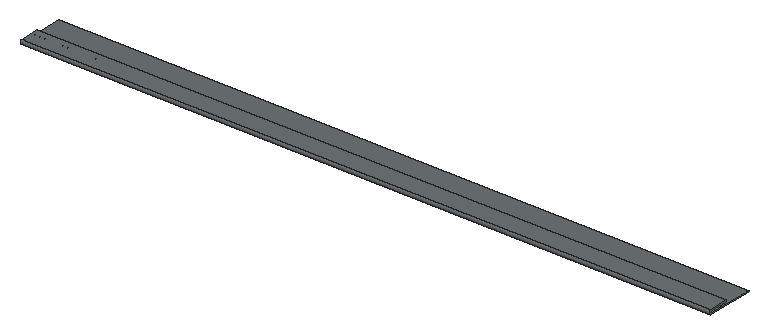
Revit family "BIMLIB_ПланкаСтартоваяБлокХаусNew_GRANDLINE", category Обобщенные модели, Revit 2017
Family settings
  Может служить основой для арматурных стержней = Нет
  Размер круглого соединителя = Использовать диаметр
  Тип детали = Нормальный
  При загрузке вырезать с полостями = Нет
  Общий = Нет
  Точка расчета площади = Нет
Parameters (values of type "Стартовая планка")
  Смещение от плоскости [instance] = 0 mm
  Описание = ADSK_Наименование  # "Стартовая планка Блок Хаус New"
  Изготовитель = "Grand Line"  # constant formula
  built-in parameter 1001306 [instance] = 500 mm
  Watermark [instance] = "Модели защищены уникальным кодом"
  URL = "https://www.grandline.ru"
  BL_Разработано = "support@bimlib.pro"
  BL_Email = "info@grandline.ru"
  BL_BIM library = "https://bimlib.pro/manufacturer/company/22430"
  ADSK_Размер_Длина [instance] = [built-in parameter 1001306]  # 500 mm
  ADSK_Обозначение = "ГОСТ 19904-90, ГОСТ 14918-80"
  ADSK_Наименование = "Стартовая планка Блок Хаус New"
  ADSK_Материал тип подсчета = 1  # constant formula
  ADSK_Материал = GL_Drap_RAL7016
  ADSK_Масса_Текст [instance] = ""
  ADSK_Масса [instance] = 0
  ADSK_Марка = ""
  ADSK_Количество [instance] = if(ADSK_Материал тип подсчета = 0, 1, if(ADSK_Материал тип подсчета = 1, ADSK_Размер_Длина / 1000 mm, 0))  # 0.5
  ADSK_Код изделия = "M17.103.00"  # constant formula
  ADSK_Завод-изготовитель = "Grand Line"  # constant formula
  ADSK_Единица измерения = "м"  # constant formula
  ADSK_Группирование = "Доборные элементы"  # constant formula
  ADSK_Версия Revit = "2017"  # constant formula
  ADSK_URL страницы изделия = "https://www.grandline.ru/planka-startovaya-bkh-new-0-45-pe-s-plenkoy-ral-1014-slonovaya-kost-179441.html"
  ADSK_URL документации изделия = "https://www.grandline.ru/uploads/files/chertezhi_vse/dobornye_elementy/desaiydingblokhaus-new/Startovaa-planka-Blok-Haus-New.jpg"
Reference planes
  plane 1 "По центру (Вперед/Назад)": y = 0
  plane 2: z = 0
  plane 3 "Слева": x = 0
  plane 4 "Справа": x = 500
Forms (mm)
  Sweep 1, solid, material "GL_Drap_RAL7016" <- "ADSK_Материал"
    path in 3D
      loop
        line (0, 0, 0) -> (500, 0, 0)
    profile "Профиль_ПланкаСтартоваяБлокХаусNew : Профиль" origin (250, 0, 0) x (0, 1, 0) y (0, 0, 1)
      loop
        line (35, 0) -> (35, 0.8) -> (1.535, 0.8)
        arc (1.535, 0.8) -> (0.809, 1.514) -> (1.51, 2.252) r 0.726
        line (1.51, 2.252) -> (10.022, 2.549) -> (10.05, 1.75) -> (15.047, 1.924) -> (14.994, 3.43) -> (1.427, 2.956)
        arc (1.427, 2.956) -> (0, 1.453) -> (1.478, 0) r 1.478
        line (1.478, 0) -> (35, 0)
Lines and regions (mm)
  reference lines
    curve 1: line (0, 0, 0) -> (500, 0, 0)
  sketch lines
    curve 2: line (0, 0, 0) -> (500, 0, 0)
Dimensions and locks
  "built-in parameter 1001306": plane 3 "Слева" to plane 4 "Справа"
  aligned and locked: plane 4 "Справа" to curve 1
  aligned and locked: plane 1 "По центру (Вперед/Назад)" to curve 1
  aligned and locked: plane 3 "Слева" to curve 1
  aligned and locked: level to plane 2
